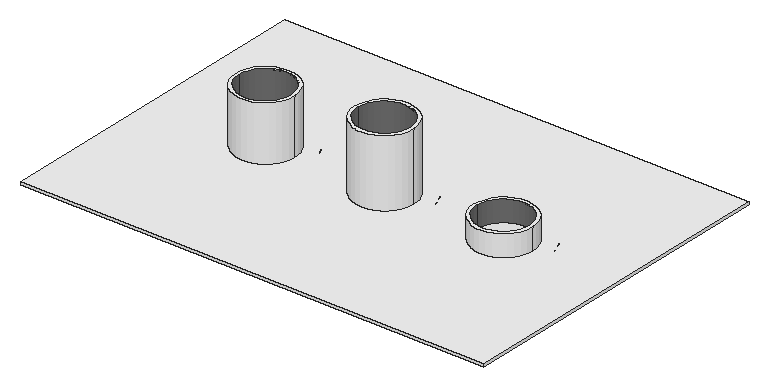
Revit family "XAL MoveIt46", category Lighting Fixtures, host Face, Revit 2014
Parameters (values of type "XAL MoveIT 45")
  Wattage Comments = ""
  Wattage = 1.75035 W
  built-in parameter 1150110 = 1 (stored number, unit not read)
  Voltage Code = "14V / 350mA"
  Voltage = 14 V
  URL = "http://www.xalusa.com/"
  Trim Material = XAL - White
  Trim Drop 3 [instance] = 0' - 0"
  Trim Drop 2 [instance] = 0' - 1"
  Trim Drop 1 [instance] = 0' - 1 3/8"
  built-in parameter 1114217 = 1 (stored number, unit not read)
  Tilt Angle = -90.00°
  built-in parameter 1150109 = 1 (stored number, unit not read)
  built-in parameter 1150134 = (empty or 0)
  built-in parameter 1150113 = 1 (stored number, unit not read)
  Shape = "Round LED"
  S3 Void = if(and(SquareLED, Lamp Quantity = 3), 0' 0", 0' 4")  # 0' - 4"
  S3 = and(SquareLED, Lamp Quantity = 3)  # no
  S2 Void = if(and(SquareLED, Lamp Quantity > 1), 0' 0", 0' 4")  # 0' - 4"
  S2 = and(SquareLED, Lamp Quantity > 1)  # no
  S1 Void = if(SquareLED, 0' 0", 0' 4")  # 0' - 4"
  SquareLED = not(RoundLED)  # no
  Radius = Diameter / 2  # 0' - 0 7/8"
  R3 Void = if(and(RoundLED, Lamp Quantity = 3), 0' 0", 0' 4")  # 0' - 0"
  R3 = and(RoundLED, Lamp Quantity = 3)  # yes
  R2 Void = if(and(RoundLED, Lamp Quantity > 1), 0' 0", 0' 4")  # 0' - 0"
  R2 = and(RoundLED, Lamp Quantity > 1)  # yes
  R1 Void = if(RoundLED, 0' 0", 0' 4")  # 0' - 0"
  RoundLED = yes
  Lens Radius = Radius - 0' 0 3/32"  # 0' - 0 25/32"
  Lamp Quantity = 3
  Feeder Length = 10' - 0"
  Emit from Circle Diameter = 2 * Lens Radius  # 0' - 1 9/16"
  Diameter = 0' - 1 3/4"  # constant formula
  Optic = "Flood"
  Range = "MOVEIT 45"
  Photometric Web File = "MOV411117131051L68.ies"
  Trim = "Sheet Rock Trimless"
  Model = "Use Type Catalog or Enter Manually"
  Manufacturer = "XAL, Inc."
  built-in parameter 1150105 = 20.69 (stored number, unit not read)
  Lumens = 260 lm
  built-in parameter 1150115 = 1 (stored number, unit not read)
  Output = "4W"
  built-in parameter 1150137 = (empty or 0)
  built-in parameter 1150139 = (empty or 0)
  Lens Material = XAL - Lens, Lit
  built-in parameter 1150112 = 1 (stored number, unit not read)
  built-in parameter 1150114 = 1 (stored number, unit not read)
  Lamp = "LED White"
  Installation = "Recessed"
  built-in parameter 1150132 = 2
  built-in parameter 1150102 = (empty or 0)
  built-in parameter 1150107 = 3000 (stored number, unit not read)
  built-in parameter 1150138 = (empty or 0)
  built-in parameter 1150106 = 0.2069 (stored number, unit not read)
  Height = 0' - 2 1/4"  # constant formula
  Emit Shape Visible in Rendering = no
  built-in parameter 1150104 = 13.8 (stored number, unit not read)
  Dimming Lamp Color Temperature Shift = <None>
  Dimming = "DIM 0-10V"
  Cutout Width = 0' - 9 7/8"  # constant formula
  Cutout Offset = if(Lamp Quantity = 2, 0' 4 15/16" + 0' 1 25/32", Cutout Length / 2)  # 0' - 6 15/16"
  Cutout Length = if(Lamp Quantity = 3, 1' 1 7/8", 0' 9 7/8")  # 1' - 1 7/8"
  Color Filter = 16777215
  Description = "Recessed Lensed LED Luminaire with adjustable extension aperture"
  Default Elevation = 0' - 0"
  built-in parameter 1114218 = 1 (stored number, unit not read)
  built-in parameter 1150133 = 10 (stored number, unit not read)
  Assembly Code = "D5020200"
  Apparent Load = 4 VA
Reference planes (in)
  plane 1 "Center (Left/Right)": x = -0.0174
  plane 2: z = 0
  plane 3 "Center (Front/Back)": y = -1.66028
  plane 4: z = -0.0625
  plane 5: x = -0.8924
  plane 6: x = 0.8576
  plane 7: y = -0.78528
  plane 8: y = -2.53528
  plane 9 "Top of Fixture": z = -2.25
  plane 10 "Lens Control 2": z = 1
  plane 11 "Lens Control 1": z = 1.375
  plane 12 "Lens Control 3": z = 0
  plane 13 "CL 2": x = -3.5799
  plane 14 "CL 3": x = 3.5451
  plane 15: x = 2.6701
  plane 16: x = 4.4201
  plane 17: x = -2.7049
  plane 18: x = -4.4549
  plane 19 "Void Control 2R": z = 0
  plane 20 "Void Control 3R": z = 0
  plane 21 "Void Control 2S": z = 4
  plane 22 "Void Control 3S": z = 4
  plane 23 "Void Control 1R": z = 0
  plane 24 "Void Control 1S": z = 4
  plane 25: y = 3.27722
  plane 26: x = 6.9201
  plane 27: x = -6.9549
  plane 28: y = -6.59778
Forms (in)
  Extrusion 1, solid, material "XAL - Lens, Lit" <- "Lens Material", visible <- "RoundLED"
    sketch origin (0, 0, 0) x (1, 0, 0) y (0, 1, 0)
      loop
        circle (-0.0174, -1.66028) r 0.78125
    from -0.61483 to -0.7869
  Extrusion 2, void
    sketch origin (0, 0, 0) x (-1, 0, 0) y (0, -1, 0)
      loop
        circle (0.0174, 1.66028) r 0.875
    from 0 to -3
  Extrusion 3, void
    sketch origin (0, 0, 0) x (-1, 0, 0) y (0, -1, 0)
      loop
        circle (-3.5451, 1.66028) r 0.875
    from 0 to -3
  Extrusion 4, void
    sketch origin (0, 0, 0) x (-1, 0, 0) y (0, -1, 0)
      loop
        circle (3.5799, 1.66028) r 0.875
    from 0 to -3
  Extrusion 5, void
    sketch origin (0, 0, 4) x (-1, 0, 0) y (0, -1, 0)
      loop
        line (4.4549, 0.78528) -> (4.4549, 2.53528) -> (2.7049, 2.53528) -> (2.7049, 0.78528) -> (4.4549, 0.78528)
    from 0 to -3
  Extrusion 6, void
    sketch origin (0, 0, 4) x (-1, 0, 0) y (0, -1, 0)
      loop
        line (0.8924, 0.78528) -> (0.8924, 2.53528) -> (-0.8576, 2.53528) -> (-0.8576, 0.78528) -> (0.8924, 0.78528)
    from 0 to -3
  Extrusion 7, void
    sketch origin (0, 0, 4) x (-1, 0, 0) y (0, -1, 0)
      loop
        line (-2.6701, 0.78528) -> (-2.6701, 2.53528) -> (-4.4201, 2.53528) -> (-4.4201, 0.78528) -> (-2.6701, 0.78528)
    from 0 to -3
  Extrusion 8, solid, material "XAL - White" <- "Trim Material"
    sketch origin (0, 0, 0) x (1, 0, 0) y (0, 1, 0)
      loop
        line (-6.9549, 3.27722) -> (-6.9549, -6.59778) -> (6.9201, -6.59778) -> (6.9201, 3.27722) -> (-6.9549, 3.27722)
    from -0.6875 to -0.625
  Extrusion 9, solid, material "XAL - Lens, Lit" <- "Lens Material", visible <- "R2"
    sketch origin (-3.5625, 0, 0) x (1, 0, 0) y (0, 1, 0)
      loop
        circle (-0.0174, -1.66028) r 0.78125
    from -0.61483 to -0.7869
  Extrusion 10, solid, material "XAL - Lens, Lit" <- "Lens Material", visible <- "R3"
    sketch origin (3.5625, 0, 0) x (1, 0, 0) y (0, 1, 0)
      loop
        circle (-0.0174, -1.66028) r 0.78125
    from -0.61483 to -0.7869
  Extrusion 11, solid, material "XAL - White" <- "Trim Material", visible <- "R2"
    sketch origin (0, 0, 0) x (1, 0, 0) y (0, 1, 0)
      loop
        circle (-3.5799, -1.66028) r 0.875
      loop
        circle (-3.5799, -1.66028) r 0.78125
    from -1 to 1
  Extrusion 12, solid, material "XAL - White" <- "Trim Material", visible <- "RoundLED"
    sketch origin (3.5625, 0, 0) x (1, 0, 0) y (0, 1, 0)
      loop
        circle (-3.5799, -1.66028) r 0.875
      loop
        circle (-3.5799, -1.66028) r 0.78125
    from -1 to 1.375
  Extrusion 13, solid, material "XAL - White" <- "Trim Material", visible <- "R3"
    sketch origin (7.125, 0, 0) x (1, 0, 0) y (0, 1, 0)
      loop
        circle (-3.5799, -1.66028) r 0.875
      loop
        circle (-3.5799, -1.66028) r 0.78125
    from -1 to 0
  Extrusion 14, solid, material "XAL - White" <- "Trim Material", visible <- "R2"
    sketch origin (-20.07663, -180, -2.25) x (-1, 0, 0) y (0, -1, 0)
      loop
        circle (-16.49673, -178.33972) r 0.875
    from 0 to 1.25
  Extrusion 15, solid, material "XAL - White" <- "Trim Material", visible <- "RoundLED"
    sketch origin (-16.51413, -180, -2.25) x (-1, 0, 0) y (0, -1, 0)
      loop
        circle (-16.49673, -178.33972) r 0.875
    from 0 to 1.25
  Extrusion 16, solid, material "XAL - White" <- "Trim Material", visible <- "R3"
    sketch origin (-12.95163, -180, -2.25) x (-1, 0, 0) y (0, -1, 0)
      loop
        circle (-16.49673, -178.33972) r 0.875
    from 0 to 1.25
  Sweep 17, solid, material "XAL - White" <- "Trim Material", visible <- "RoundLED"
    path in 3D
      loop
        arc (-0.8924, -1.66028, -2.25) -> (-0.0174, -2.53528, -2.25) -> (0.8576, -1.66028, -2.25) r 0.875
        arc (0.8576, -1.66028, -2.25) -> (-0.0174, -0.78528, -2.25) -> (-0.8924, -1.66028, -2.25) r 0.875
    profile origin (-0.0174, -0.78528, -2.25) x (0, 1, 0) y (0, 0, -1)
      loop
        line (0, 0) -> (0, -1.5625) -> (0.4301, -1.5625) -> (0.15459, 0) -> (0, 0)
  Sweep 18, solid, material "XAL - White" <- "Trim Material", visible <- "R2"
    path in 3D
      loop
        arc (-4.4549, -1.66028, -2.25) -> (-3.5799, -2.53528, -2.25) -> (-2.7049, -1.66028, -2.25) r 0.875
        arc (-2.7049, -1.66028, -2.25) -> (-3.5799, -0.78528, -2.25) -> (-4.4549, -1.66028, -2.25) r 0.875
    profile origin (-3.5799, -0.78528, -2.25) x (0, 1, 0) y (0, 0, -1)
      loop
        line (0, 0) -> (0, -1.5625) -> (0.4301, -1.5625) -> (0.15459, 0) -> (0, 0)
  Sweep 19, solid, material "XAL - White" <- "Trim Material", visible <- "R3"
    path in 3D
      loop
        arc (2.6701, -1.66028, -2.25) -> (3.5451, -2.53528, -2.25) -> (4.4201, -1.66028, -2.25) r 0.875
        arc (4.4201, -1.66028, -2.25) -> (3.5451, -0.78528, -2.25) -> (2.6701, -1.66028, -2.25) r 0.875
    profile origin (3.5451, -0.78528, -2.25) x (0, 1, 0) y (0, 0, -1)
      loop
        line (0, 0) -> (0, -1.5625) -> (0.4301, -1.5625) -> (0.15459, 0) -> (0, 0)
  Extrusion 20, solid, material "XAL - White" <- "Trim Material", visible <- "S2"
    sketch origin (0, 0, 0) x (1, 0, 0) y (0, 1, 0)
      loop
        line (-4.4549, -0.78528) -> (-4.4549, -2.53528) -> (-2.7049, -2.53528) -> (-2.7049, -0.78528) -> (-4.4549, -0.78528)
      loop
        line (-4.36115, -0.87903) -> (-4.36115, -2.44153) -> (-2.79865, -2.44153) -> (-2.79865, -0.87903) -> (-4.36115, -0.87903)
    from -1 to 1
  Extrusion 21, solid, material "XAL - Lens, Lit" <- "Lens Material", visible <- "S2"
    sketch origin (-3.5625, 0, 0) x (1, 0, 0) y (0, 1, 0)
      loop
        line (-0.79865, -0.87903) -> (-0.79865, -2.44153) -> (0.76385, -2.44153) -> (0.76385, -0.87903) -> (-0.79865, -0.87903)
    from -0.61483 to -0.7869
  Extrusion 22, solid, material "XAL - White" <- "Trim Material", visible <- "SquareLED"
    sketch origin (3.5625, 0, 0) x (1, 0, 0) y (0, 1, 0)
      loop
        line (-4.4549, -0.78528) -> (-4.4549, -2.53528) -> (-2.7049, -2.53528) -> (-2.7049, -0.78528) -> (-4.4549, -0.78528)
      loop
        line (-4.36115, -0.87903) -> (-4.36115, -2.44153) -> (-2.79865, -2.44153) -> (-2.79865, -0.87903) -> (-4.36115, -0.87903)
    from -1 to 1.375
  Extrusion 23, solid, material "XAL - Lens, Lit" <- "Lens Material", visible <- "SquareLED"
    sketch origin (0, 0, 0) x (1, 0, 0) y (0, 1, 0)
      loop
        line (-0.79865, -0.87903) -> (-0.79865, -2.44153) -> (0.76385, -2.44153) -> (0.76385, -0.87903) -> (-0.79865, -0.87903)
    from -0.61483 to -0.7869
  Extrusion 24, solid, material "XAL - White" <- "Trim Material", visible <- "S3"
    sketch origin (7.125, 0, 0) x (1, 0, 0) y (0, 1, 0)
      loop
        line (-4.4549, -0.78528) -> (-4.4549, -2.53528) -> (-2.7049, -2.53528) -> (-2.7049, -0.78528) -> (-4.4549, -0.78528)
      loop
        line (-4.36115, -0.87903) -> (-4.36115, -2.44153) -> (-2.79865, -2.44153) -> (-2.79865, -0.87903) -> (-4.36115, -0.87903)
    from -1 to 0
  Extrusion 25, solid, material "XAL - Lens, Lit" <- "Lens Material", visible <- "S3"
    sketch origin (3.5625, 0, 0) x (1, 0, 0) y (0, 1, 0)
      loop
        line (-0.79865, -0.87903) -> (-0.79865, -2.44153) -> (0.76385, -2.44153) -> (0.76385, -0.87903) -> (-0.79865, -0.87903)
    from -0.61483 to -0.7869
Cuts and joins
  Extrusion 2, Extrusion 3, Extrusion 4, Extrusion 5, Extrusion 6, Extrusion 7 cuts Extrusion 8
  joined: Extrusion 15, Sweep 17
  joined: Extrusion 16, Sweep 19
  joined: Extrusion 14, Sweep 18
Lines and regions (in)
  symbolic lines, style "Cutout Openings"
    curve 1: line (-6.9549, 3.27722, 0) -> (6.9201, 3.27722, 0)
    curve 2: line (-6.9549, -6.59778, 0) -> (-6.9549, 3.27722, 0)
    curve 3: line (6.9201, -6.59778, 0) -> (-6.9549, -6.59778, 0)
    curve 4: line (6.9201, 3.27722, 0) -> (6.9201, -6.59778, 0)
  sketch lines
    curve 5: arc (0.8576, -1.66028, -2.25) -> (-0.0174, -0.78528, -2.25) -> (-0.8924, -1.66028, -2.25) r 0.875
    curve 6: arc (-0.8924, -1.66028, -2.25) -> (-0.0174, -2.53528, -2.25) -> (0.8576, -1.66028, -2.25) r 0.875
    curve 7: arc (-2.7049, -1.66028, -2.25) -> (-3.5799, -0.78528, -2.25) -> (-4.4549, -1.66028, -2.25) r 0.875
    curve 8: arc (-4.4549, -1.66028, -2.25) -> (-3.5799, -2.53528, -2.25) -> (-2.7049, -1.66028, -2.25) r 0.875
    curve 9: arc (4.4201, -1.66028, -2.25) -> (3.5451, -0.78528, -2.25) -> (2.6701, -1.66028, -2.25) r 0.875
    curve 10: arc (2.6701, -1.66028, -2.25) -> (3.5451, -2.53528, -2.25) -> (4.4201, -1.66028, -2.25) r 0.875
Dimensions and locks (in)
  locked: host face to plane 4 at 0.0625
  equal spacing: plane 8, plane 3 "Center (Front/Back)", plane 7
  equal spacing: plane 5, plane 1 "Center (Left/Right)", plane 6
  locked: plane 5 to plane 6 at 1.75
  locked: plane 8 to plane 7 at 1.75
  "Height": plane 9 "Top of Fixture" to plane 2
  plane 1 "Center (Left/Right)" to plane 13 "CL 2" = 0' - 3 9/16"
  plane 1 "Center (Left/Right)" to plane 14 "CL 3" = 0' - 3 9/16"
  locked: plane 15 to plane 16 at 1.75
  equal spacing: plane 28, plane 3 "Center (Front/Back)", plane 25
  "Cutout Width": plane 28 to plane 25
  "Cutout Offset": plane 27 to plane 1 "Center (Left/Right)"
  "Cutout Length": plane 27 to plane 26
  "S1 Void": plane 24 "Void Control 1S" to level
  "R1 Void": plane 23 "Void Control 1R" to level
  "S2 Void": plane 21 "Void Control 2S" to level
  "R2 Void": plane 19 "Void Control 2R" to level
  "S3 Void": plane 22 "Void Control 3S" to level
  "R3 Void": plane 20 "Void Control 3R" to level
  "Trim Drop 1": plane 11 "Lens Control 1" to level
  "Trim Drop 2": plane 10 "Lens Control 2" to level
  "Trim Drop 3": plane 12 "Lens Control 3" to level
  "Radius": radius of Extrusion 2 sketch curve
  "Lens Radius": radius of Extrusion 1 sketch curve
  "Radius": radius of Extrusion 3 sketch curve
  "Radius": radius of Extrusion 4 sketch curve
  "Lens Radius": radius of Extrusion 9 sketch curve
  "Lens Radius": radius of Extrusion 10 sketch curve
  aligned and locked: plane 2 to host face
  aligned and locked: level to host face
  aligned and locked: imposter light to host face
  aligned and locked: plane 1 "Center (Left/Right)" to Extrusion 1 sketch curve
  aligned and locked: plane 3 "Center (Front/Back)" to Extrusion 1 sketch curve
  aligned and locked: imposter light to plane 1 "Center (Left/Right)"
  aligned and locked: imposter light to plane 3 "Center (Front/Back)"
  aligned and locked: curve 1 to plane 25
  aligned and locked: curve 2 to plane 27
  aligned and locked: curve 3 to plane 28
  aligned and locked: curve 4 to plane 26
  aligned and locked: Extrusion 8 sketch curve to curve 1
  aligned and locked: Extrusion 8 sketch curve to curve 2
  aligned and locked: Extrusion 8 sketch curve to curve 3
  aligned and locked: Extrusion 8 sketch curve to curve 4
  aligned and locked: plane 10 "Lens Control 2" to Extrusion 11
  aligned and locked: plane 11 "Lens Control 1" to Extrusion 12
  aligned and locked: plane 12 "Lens Control 3" to Extrusion 13
  aligned and locked: plane 10 "Lens Control 2" to Extrusion 20
  aligned and locked: plane 11 "Lens Control 1" to Extrusion 22
  aligned and locked: plane 12 "Lens Control 3" to Extrusion 24
Automatic sketch dimensions
  host sketch curve to host sketch curve = 1' - 1 7/8"
  host sketch curve to host sketch curve = 0' - 9 7/8"
  plane 7 to Extrusion 5 sketch curve = 0' - 0"
  Extrusion 5 sketch curve to plane 17 = 0' - 0"
  Extrusion 5 sketch curve to plane 8 = 0' - 0"
  Extrusion 5 sketch curve to plane 18 = 0' - 0"
  Extrusion 6 sketch curve to plane 6 = 0' - 0"
  Extrusion 6 sketch curve to plane 5 = 0' - 0"
  plane 7 to Extrusion 6 sketch curve = 0' - 0"
  Extrusion 6 sketch curve to plane 8 = 0' - 0"
  plane 7 to Extrusion 7 sketch curve = 0' - 0"
  Extrusion 7 sketch curve to plane 16 = 0' - 0"
  Extrusion 7 sketch curve to plane 8 = 0' - 0"
  Extrusion 7 sketch curve to plane 15 = 0' - 0"
  Extrusion 11 sketch curve to Extrusion 11 sketch curve = 0' - 0"  (x2)
  plane 3 "Center (Front/Back)" to Extrusion 11 sketch curve = 0' - 0"
  Extrusion 11 sketch curve to plane 13 "CL 2" = 0' - 0"
  Extrusion 12 sketch curve to Extrusion 12 sketch curve = 0' - 0"  (x2)
  Extrusion 12 sketch curve to plane 1 "Center (Left/Right)" = 0' - 0"
  plane 3 "Center (Front/Back)" to Extrusion 12 sketch curve = 0' - 0"
  Extrusion 13 sketch curve to Extrusion 13 sketch curve = 0' - 0"  (x2)
  plane 3 "Center (Front/Back)" to Extrusion 13 sketch curve = 0' - 0"
  Extrusion 13 sketch curve to plane 14 "CL 3" = 0' - 0"
  plane 3 "Center (Front/Back)" to Extrusion 14 sketch curve = 0' - 0"
  Extrusion 14 sketch curve to plane 13 "CL 2" = 0' - 0"
  Extrusion 15 sketch curve to plane 1 "Center (Left/Right)" = 0' - 0"
  plane 3 "Center (Front/Back)" to Extrusion 15 sketch curve = 0' - 0"
  plane 3 "Center (Front/Back)" to Extrusion 16 sketch curve = 0' - 0"
  Extrusion 16 sketch curve to plane 14 "CL 3" = 0' - 0"
  Sweep 17 sketch curve to profile plane = 0' - 0"
  profile plane to Sweep 17 sketch curve = 0' - 0"
  Sweep 17 sketch curve to profile plane = 0' - 0.15459"
  Sweep 17 sketch curve to profile plane = 0' - 0.4301"
  Sweep 17 sketch curve to profile plane = 0' - 1 9/16"
  Sweep 18 sketch curve to profile plane = 0' - 0"
  profile plane to Sweep 18 sketch curve = 0' - 0"
  Sweep 18 sketch curve to profile plane = 0' - 0.15459"
  Sweep 18 sketch curve to profile plane = 0' - 0.4301"
  Sweep 18 sketch curve to profile plane = 0' - 1 9/16"
  Sweep 19 sketch curve to profile plane = 0' - 0"
  profile plane to Sweep 19 sketch curve = 0' - 0"
  Sweep 19 sketch curve to profile plane = 0' - 0.15459"
  Sweep 19 sketch curve to profile plane = 0' - 0.4301"
  Sweep 19 sketch curve to profile plane = 0' - 1 9/16"
  Extrusion 20 sketch curve to plane 8 = 0' - 0"
  Extrusion 20 sketch curve to plane 18 = 0' - 0"
  Extrusion 20 sketch curve to plane 17 = 0' - 0"
  plane 7 to Extrusion 20 sketch curve = 0' - 0"
  plane 18 to Extrusion 20 sketch curve = 0' - 0 3/32"
  plane 17 to Extrusion 20 sketch curve = 0' - 0 3/32"
  plane 8 to Extrusion 20 sketch curve = 0' - 0 3/32"
  plane 7 to Extrusion 20 sketch curve = 0' - 0 3/32"
  plane 18 to Extrusion 21 sketch curve = 0' - 0 3/32"
  plane 17 to Extrusion 21 sketch curve = 0' - 0 3/32"
  plane 8 to Extrusion 21 sketch curve = 0' - 0 3/32"
  plane 7 to Extrusion 21 sketch curve = 0' - 0 3/32"
  Extrusion 22 sketch curve to plane 5 = 0' - 0"
  Extrusion 22 sketch curve to plane 6 = 0' - 0"
  Extrusion 22 sketch curve to plane 8 = 0' - 0"
  plane 7 to Extrusion 22 sketch curve = 0' - 0"
  plane 5 to Extrusion 22 sketch curve = 0' - 0 3/32"
  plane 6 to Extrusion 22 sketch curve = 0' - 0 3/32"
  plane 8 to Extrusion 22 sketch curve = 0' - 0 3/32"
  plane 7 to Extrusion 22 sketch curve = 0' - 0 3/32"
  plane 5 to Extrusion 23 sketch curve = 0' - 0 3/32"
  plane 6 to Extrusion 23 sketch curve = 0' - 0 3/32"
  plane 8 to Extrusion 23 sketch curve = 0' - 0 3/32"
  plane 7 to Extrusion 23 sketch curve = 0' - 0 3/32"
  Extrusion 24 sketch curve to plane 8 = 0' - 0"
  Extrusion 24 sketch curve to plane 15 = 0' - 0"
  Extrusion 24 sketch curve to plane 16 = 0' - 0"
  plane 7 to Extrusion 24 sketch curve = 0' - 0"
  plane 15 to Extrusion 24 sketch curve = 0' - 0 3/32"
  plane 16 to Extrusion 24 sketch curve = 0' - 0 3/32"
  plane 8 to Extrusion 24 sketch curve = 0' - 0 3/32"
  plane 7 to Extrusion 24 sketch curve = 0' - 0 3/32"
  plane 15 to Extrusion 25 sketch curve = 0' - 0 3/32"
  plane 16 to Extrusion 25 sketch curve = 0' - 0 3/32"
  plane 8 to Extrusion 25 sketch curve = 0' - 0 3/32"
  plane 7 to Extrusion 25 sketch curve = 0' - 0 3/32"
  Extrusion 2 sketch curve to plane 1 "Center (Left/Right)" = 0' - 0"
  plane 3 "Center (Front/Back)" to Extrusion 2 sketch curve = 0' - 0"
  plane 3 "Center (Front/Back)" to Extrusion 3 sketch curve = 0' - 0"
  Extrusion 3 sketch curve to plane 14 "CL 3" = 0' - 0"
  plane 3 "Center (Front/Back)" to Extrusion 4 sketch curve = 0' - 0"
  Extrusion 4 sketch curve to plane 13 "CL 2" = 0' - 0"
  plane 3 "Center (Front/Back)" to Extrusion 9 sketch curve = 0' - 0"
  Extrusion 9 sketch curve to plane 13 "CL 2" = 0' - 0"
  plane 3 "Center (Front/Back)" to Extrusion 10 sketch curve = 0' - 0"
  Extrusion 10 sketch curve to plane 14 "CL 3" = 0' - 0"
  radius of Extrusion 11 sketch curve = 0' - 0 7/8"
  radius of Extrusion 11 sketch curve = 0' - 0 25/32"
  radius of Extrusion 12 sketch curve = 0' - 0 7/8"
  radius of Extrusion 12 sketch curve = 0' - 0 25/32"
  radius of Extrusion 13 sketch curve = 0' - 0 7/8"
  radius of Extrusion 13 sketch curve = 0' - 0 25/32"
  radius of Extrusion 14 sketch curve = 0' - 0 7/8"
  radius of Extrusion 15 sketch curve = 0' - 0 7/8"
  radius of Extrusion 16 sketch curve = 0' - 0 7/8"
Connectors (in)
  electrical at (-0.0174, -1.66028, -2.25), driven by "Voltage", driven by "Apparent Load"
    settings: on cut or joined group of Extrusion 15, Sweep 17, index 1, voltage 14 V, apparent load 4 VA, apparent load phase1 0 VA, apparent load phase2 0 VA, apparent load phase3 0 VA, power factor 1, load classification "Lighting", number of poles 1, system type 30, power factor state 1, is connector primary yes, connector utility no, sub classification motor no, connector description ""
